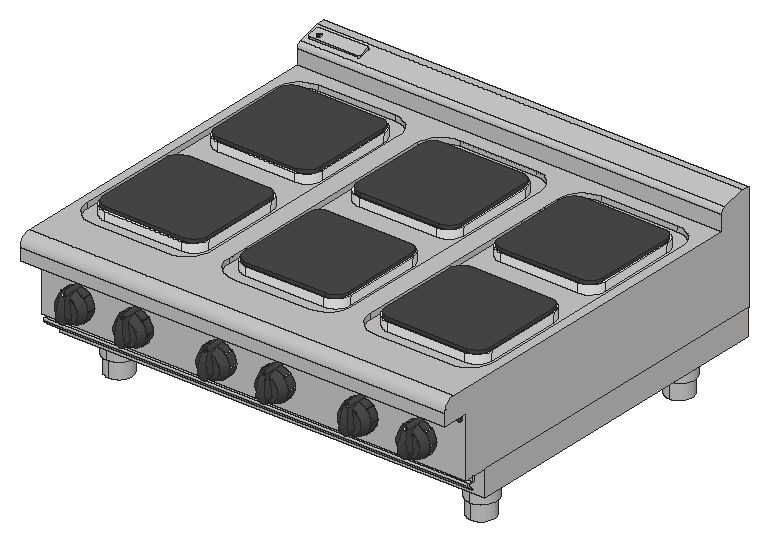
Revit family "QF_Moffat_RNL8600SE-B_Electric_Cooktops_Sealed_Hobs_cat", category Specialty Equipment, Revit 2019 (continued)
Definition of nested family "QF_LOGO_Waldorf"
  Automatic sketch dimensions
    Split face 2 sketch curve to Split face 2 sketch curve = 0.414 mm
    Split face 2 sketch curve to Split face 2 sketch curve = 0.875 mm
    Split face 2 sketch curve to Split face 2 sketch curve = 0.878 mm
    Split face 3 sketch curve to Extrusion 1 = 8.597 mm
    Extrusion 1 to Split face 3 sketch curve = 29.688 mm
    Split face 3 sketch curve to Extrusion 1 = 9.264 mm
    Split face 3 sketch curve to Split face 3 sketch curve = 2.326 mm
    Split face 4 sketch curve to Extrusion 1 = 5.728 mm
    Extrusion 1 to Split face 4 sketch curve = 38.08 mm
    Split face 4 sketch curve to Split face 4 sketch curve = 3.843 mm
    Split face 4 sketch curve to Extrusion 1 = 9.736 mm
    Split face 5 sketch curve to Extrusion 1 = 9.736 mm
    Split face 5 sketch curve to Extrusion 1 = 43.205 mm
    Split face 5 sketch curve to Extrusion 1 = 6.679 mm
    Split face 5 sketch curve to Split face 5 sketch curve = 0.342 mm
    Split face 5 sketch curve to Split face 5 sketch curve = 3.375 mm
    Split face 5 sketch curve to Split face 5 sketch curve = 0.952 mm
    Split face 5 sketch curve to Split face 5 sketch curve = 3.998 mm
    Split face 6 sketch curve to Extrusion 1 = 7.499 mm
    Split face 6 sketch curve to Extrusion 1 = 44.727 mm
    Split face 6 sketch curve to Split face 6 sketch curve = 2.07 mm
    Split face 7 sketch curve to Extrusion 1 = 5.305 mm
    Split face 7 sketch curve to Extrusion 1 = 32.551 mm
    Split face 7 sketch curve to Split face 7 sketch curve = 4.443 mm
    Split face 8 sketch curve to Extrusion 1 = 7.654 mm
    Split face 8 sketch curve to Extrusion 1 = 32.551 mm
    Split face 8 sketch curve to Split face 8 sketch curve = 2.095 mm
    Split face 9 sketch curve to Extrusion 1 = 5.728 mm
    Split face 9 sketch curve to Extrusion 1 = 25.521 mm
    Split face 9 sketch curve to Split face 9 sketch curve = 3.519 mm
    Split face 9 sketch curve to Split face 9 sketch curve = 0.315 mm
    Split face 9 sketch curve to Split face 9 sketch curve = 3.33 mm
    Split face 9 sketch curve to Split face 9 sketch curve = 3.248 mm
    Split face 9 sketch curve to Split face 9 sketch curve = 1.795 mm
    Split face 9 sketch curve to Split face 9 sketch curve = 3.36 mm
    Split face 9 sketch curve to Split face 9 sketch curve = 1.545 mm
    Split face 9 sketch curve to Split face 9 sketch curve = 0.233 mm
    Split face 10 sketch curve to Extrusion 1 = 18.106 mm
    Split face 10 sketch curve to Split face 10 sketch curve = 1.188 mm  (x2)
    Split face 10 sketch curve to Split face 10 sketch curve = 3.285 mm
    Split face 10 sketch curve to Split face 10 sketch curve = 3.789 mm
    Split face 10 sketch curve to Split face 10 sketch curve = 0 mm  (x2)
    Split face 10 sketch curve to Split face 10 sketch curve = 1.629 mm
    Split face 10 sketch curve to Split face 10 sketch curve = 2.133 mm
    Split face 10 sketch curve to Extrusion 1 = 5.728 mm
    Split face 10 sketch curve to Split face 10 sketch curve = 6.245 mm
    Split face 10 sketch curve to Split face 10 sketch curve = 1.907 mm  (x2)
    Split face 10 sketch curve to Split face 10 sketch curve = 1.197 mm
    Split face 10 sketch curve to Split face 10 sketch curve = 2.19 mm
